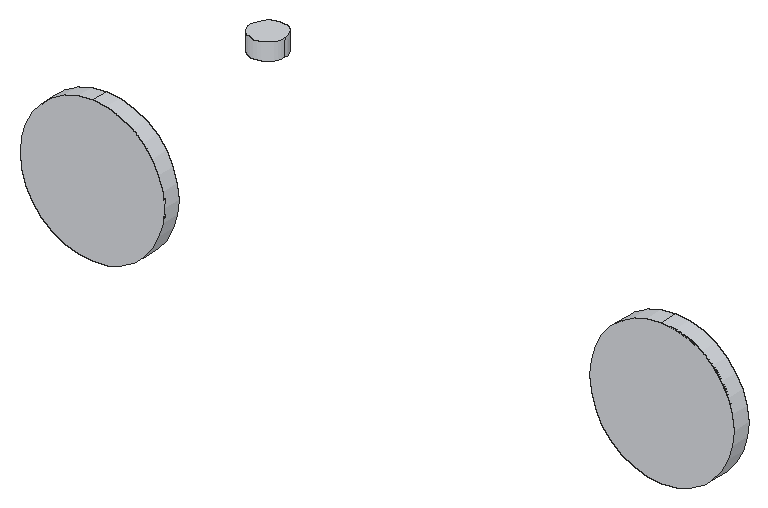
Revit family "DCX11_001_BIM", category HLS-Bauteile, Revit 2018
Family settings
  Bemaßung runder Anschluss = Durchmesser verwenden
  Klassifizierung = Keine
  Teiletyp = Normal
  OmniClass-Nummer = 23.65.35.11.14
  OmniClass-Titel = Instantaneous Water Heaters
  Arbeitsebenenbasiert = Nein
  Immer vertikal = Ja
  Beim Laden mit Abzugskörper schneiden = Nein
  Gemeinsam genutzt = Nein
  Raumberechnungspunkt = Nein
Parameters (values of type "Norm")
  Verbindung_2_Durchmesser = 0 mm
  Verbindung_1_Durchmesser = 0 mm
  URL = "https://www.clage.de/de/Produkte/E-Komfortdurchlauferhitzer/DCX"
  Modell = "DCX"
  Hersteller = "Clage GmbH"
  Beschreibung = "E-Komfortdurchlauferhitzer"
Reference planes
  plane 1 "Mitte (Vorne/Hinten)": y = 0
  plane 2: z = 0
  plane 3 "Mitte (Links/Rechts)": x = 0
Forms (mm)
  Extrusion 1, solid
    sketch origin (41.101, 38.319, -176.104) x (0, 0, 1) y (1, 0, 0)
      loop
        circle (0, 0) r 12.7
    from 0 to -3.048
  Extrusion 2, solid
    sketch origin (-58.899, 38.119, -176.095) x (0, 0, 1) y (1, 0, 0)
      loop
        circle (0, 0) r 12.7
    from 0 to -3.048
  Extrusion 3, solid
    sketch origin (0, 0, -119.504) x (0, 1, 0) y (1, 0, 0)
      loop
        circle (0, 0) r 3.048
    from 0 to -3.048
Dimensions and locks
  aligned and locked: level to plane 2
Connectors
  piping at (41.101, 38.319, -176.104), diameter 12.7
    settings: on Extrusion 1, index 1, connector inside diameter 609.6 mm, connector length 0 mm, flow factor 0, pipe flow 5.6 L/s, pressure drop 104500.0 Pa, fitting loss kfactor 0, connector angle 0.00°, fixture units 0, engagement length 0 mm, angle of deflection 0.00°, flow configuration 1, flow direction 1, fitting loss method 4, system type 20, joint type 0, gender type 0, connector reference index -1, connector utility 0, adjustable connector no, is connector primary yes, connector description ""
  piping at (-58.899, 38.119, -176.095), diameter 12.7
    settings: on Extrusion 2, index 2, connector inside diameter 609.6 mm, connector length 0 mm, flow factor 0, pipe flow 5.6 L/s, pressure drop 104500.0 Pa, fitting loss kfactor 0, connector angle 0.00°, fixture units 0, engagement length 0 mm, angle of deflection 0.00°, flow configuration 1, flow direction 2, fitting loss method 4, system type 19, joint type 0, gender type 0, connector reference index -1, connector utility 0, adjustable connector no, is connector primary no, connector description ""
  electrical at (0, 0, -119.504)
    settings: on Extrusion 3, index 3, voltage 400 V, apparent load 0 VA, apparent load phase1 0 VA, apparent load phase2 0 VA, apparent load phase3 0 VA, power factor 0, load classification "Sonstige", number of poles 3, system type 30, power factor state 1, is connector primary yes, connector utility no, sub classification motor no, connector description ""
